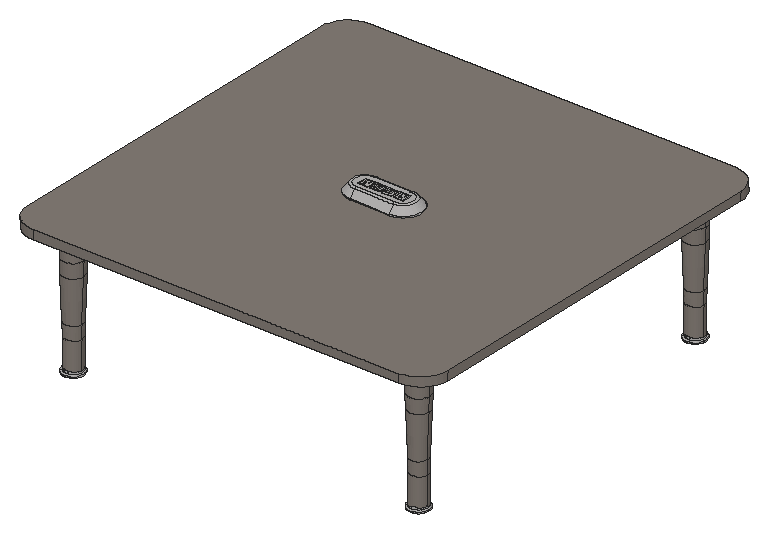
Revit family "Table-Teknion-Zones_ZNTWE-R2015", category Furniture, Revit 2015
Parameters (values of type "Table 48", with Power Pill")
  With Power Pill 2 Modules = no
  Width = 48"
  Warranty = "http://www.teknion.com/ca/papers/legal-canada"
  Voltage = if(or(With Power Pill 4 Modules, or(With Power Pill 2 Modules)), 120 V, 0 V)  # 120 V
  URL = "http://www.teknion.com"
  Table Top Finish [instance] = Veneer - Teknion - BR - Greystone Beech
  Table Leg Wood Finish [instance] = Veneer - Teknion - BR - Greystone Beech
  Table Frame Finish [instance] = Seamless Paint - Teknion - 25 - Crisp Grey
  Table Diameter = 54"
  Sustainability Data = "http://www.teknion.com/ca/tools/assets#&asset=444deb64-fe58-4b68-981e-f75e97781df7,b4ff2d81-9f2e-437d-9659-7cffb09c31cf"
  Series = "Zones"
  Product Page URL = "http://www.teknion.com/products/product-details?productLineId=b28c7a6e-8e7a-673b-a6c8-ff64004460c4"
  Product Line = "Zones"
  Product Documentation Link = "http://www.teknion.com/pricing/Zones/pdfs/ZNTWE_ppg.pdf"
  Power Pill Two Power Two USB Modules [instance] = yes
  Power Pill Finish [instance] = Seamless Paint - Teknion - 25 - Crisp Grey
  Number of Poles = 1
  Manufacturer Contact Information = "http://www.teknion.com/ca/contactus"
  Leg Width = 37 3/32"
  Leg Depth = 37 3/32"
  Part Number = "ZNTWE"
  Model = "ZNTWE48P"
  Manufacturer Phone = "416-661-3370"
  Manufacturer Fax = "416.661.4586"
  Manufacturer Address = "1150 Flint Road, Toronto, ON. M3J 2J5. Canada"
  Manufacturer = "Teknion"
  With Power Pill 4 Modules = yes
  Height = 19"
  Description = "Square Lounge Workshop Table, 48\"d, with Center Pill Cut-Out"
  Depth = 48"
  Connector Description = "With Power Connector"
  Assembly Code = "E2020200"
  Apparent Load = 0 VA  # constant formula
Reference planes (in)
  plane 1 "Center (Front/Back)": y = 0
  plane 2 "Bottom": z = 0
  plane 3 "Center (Left/Right)": x = 0
  plane 4 "Int Left": x = -19.71875
  plane 5 "Int Right": x = 19.71875
  plane 6 "Ba": y = 19.73437
  plane 7 "Fro": y = -19.73437
  plane 8 "Top": z = 16
  plane 9 "Frame": z = 15
  plane 10 "Back": y = 24
  plane 11 "Front": y = -24
  plane 12 "Left": x = -24
  plane 13 "Right": x = 24
Forms (in)
  Sweep 1, solid, material "Veneer - Teknion - BR - Greystone Beech" <- "Table Top Finish"
    path origin (0, 0, -13) x (1, 0, 0) y (0, 0, 1)
      loop
        line (0, 28) -> (0, 29)
    profile origin (0, 0, 15.5) x (-1, 0, 0) y (0, -1, 0)
      loop
        line (-20.875, -24) -> (20.86848, -24)
        arc (20.86848, -24) -> (23.0828, -23.0828) -> (24, -20.86848) r 3.13152
        line (24, -20.86848) -> (24, 20.875)
        arc (24, 20.875) -> (23.08471, 23.08471) -> (20.875, 24) r 3.125
        line (20.875, 24) -> (-20.875, 24)
        arc (-20.875, 24) -> (-23.08471, 23.08471) -> (-24, 20.875) r 3.125
        line (-24, 20.875) -> (-24, -20.875)
        arc (-24, -20.875) -> (-23.08471, -23.08471) -> (-20.875, -24) r 3.125
  Extrusion 2, void
    sketch origin (0.04538, 0.11384, 0) x (1, 0, 0) y (0, 1, 0)
      loop
        circle (-0.04538, -0.11384) r 0.25
    from 0 to 0.29872
Lines and regions (in)
  Masking region 1
    outline origin (0, 0, 15) x (0, 1, 0) y (-1, 0, 0)
      loop
        line (24, -20.875) -> (24, 20.86848)
        arc (24, 20.86848) -> (23.0828, 23.0828) -> (20.86848, 24) r 3.13152
        line (20.86848, 24) -> (-20.875, 24)
        arc (-20.875, 24) -> (-23.08471, 23.08471) -> (-24, 20.875) r 3.125
        line (-24, 20.875) -> (-24, -20.875)
        arc (-24, -20.875) -> (-23.08471, -23.08471) -> (-20.875, -24) r 3.125
        line (-20.875, -24) -> (20.875, -24)
        arc (20.875, -24) -> (23.08471, -23.08471) -> (24, -20.875) r 3.125
Dimensions and locks (in)
  "Width": plane 12 "Left" to plane 13 "Right"
  "Depth": plane 10 "Back" to plane 11 "Front"
  equal spacing: plane 12 "Left", plane 3 "Center (Left/Right)", plane 13 "Right"
  equal spacing: plane 10 "Back", plane 1 "Center (Front/Back)", plane 11 "Front"
  Sweep 1 to plane 2 "Bottom" = 15"
  locked: plane 10 "Back" to plane 6 "Ba" at 4.26563
  locked: plane 11 "Front" to plane 7 "Fro" at 4.26563
  locked: plane 5 "Int Right" to plane 13 "Right" at 4.28125
  locked: plane 12 "Left" to plane 4 "Int Left" at 4.28125
  locked: Extrusion 2 to plane 2 "Bottom" at 0.29872
  radius of Sweep 1 sketch curve = 3 1/8"  (x3)
  radius of Sweep 1 sketch curve = 3.13152"
  aligned and locked: level to plane 2 "Bottom"
  aligned and locked: plane 3 "Center (Left/Right)" to Sweep 1 sketch curve
  aligned and locked: plane 8 "Top" to Sweep 1 sketch curve
  aligned and locked: plane 9 "Frame" to Sweep 1 sketch curve
  aligned and locked: plane 10 "Back" to Sweep 1 sketch curve
  aligned and locked: plane 13 "Right" to Sweep 1 sketch curve
  aligned and locked: Sweep 1 sketch curve to plane 11 "Front"
  aligned and locked: Sweep 1 sketch curve to plane 12 "Left"
  aligned and locked: nested 1 to plane 8 "Top"
  aligned and locked: plane 1 "Center (Front/Back)" to nested 1
  aligned and locked: plane 3 "Center (Left/Right)" to nested 1
  aligned and locked: nested 4 to plane 5 "Int Right"
  aligned and locked: nested 4 to plane 6 "Ba"
  aligned and locked: nested 2 to plane 4 "Int Left"
  aligned and locked: nested 2 to plane 6 "Ba"
  aligned and locked: nested 3 to plane 4 "Int Left"
  aligned and locked: plane 7 "Fro" to nested 3
  aligned and locked: nested 5 to plane 5 "Int Right"
  aligned and locked: plane 7 "Fro" to nested 5
  aligned and locked: plane 2 "Bottom" to nested 4
  aligned and locked: plane 2 "Bottom" to nested 5
  aligned and locked: plane 2 "Bottom" to nested 3  (x2)
  aligned and locked: plane 2 "Bottom" to nested 2
  aligned and locked: Masking region 1 sketch curve to Sweep 1  (x4)
  aligned and locked: Extrusion 2 to plane 2 "Bottom"
  aligned and locked: plane 1 "Center (Front/Back)" to Extrusion 2 sketch curve
  aligned and locked: nested 1 to Extrusion 2 sketch curve
  aligned and locked: plane 3 "Center (Left/Right)" to nested 6
  aligned and locked: plane 1 "Center (Front/Back)" to nested 6
  aligned and locked: nested 6 to plane 8 "Top"
Automatic sketch dimensions
  plane 7 "Fro" to Masking region 1 sketch curve = 1 9/64"
  plane 6 "Ba" to Masking region 1 sketch curve = 1.1341"
  plane 6 "Ba" to Masking region 1 sketch curve = 1 9/64"
  radius of Extrusion 2 sketch curve = 1/4"
Nested families (in)
  nested 1: "Accessory-Power_Pill-Teknion-Zones_ZNEP_Four_Modules-R2013" at (0, 0, 16), visible <- "With Power Pill 4 Modules", Power Pill Finish <- "Power Pill Finish", LA Modules <- "Power Pill Two Power Two USB Modules", type "4 Modules Power Pill"
    with Power Pill Finish Seamless Paint - Teknion - 25 - Crisp Grey, Outlet Offset 1.076", LB Modules no, LA Modules yes, Item Code "ZNEPLA120"
  nested 2: "Support-Leg-Teknion-Zones_ZNTW_Plate-R2015" at (-19.71875, 19.73437, 0), type "Leg Support"
    with Support Visibility yes
  nested 3: "Support-Leg-Teknion-Zones_ZNTW_Plate-R2015" at (-19.71875, -19.73437, 0), type "Leg Support"
    with Support Visibility yes
  nested 4: "Support-Leg-Teknion-Zones_ZNTW_Plate-R2015" at (19.71875, 19.73437, 0), type "Leg Support"
    with Support Visibility yes
  nested 5: "Support-Leg-Teknion-Zones_ZNTW_Plate-R2015" at (19.71875, -19.73437, 0), type "Leg Support"
    with Support Visibility yes
  nested 6: "Accessory-Power_Pill-Teknion-Zones_ZNEP_Two_Modules-R2013" at (0, 0, 16), visible <- "With Power Pill 2 Modules", Power Pill Finish <- "Power Pill Finish", type "2 Modules Power Pill"
    with SB Modules no, SA Modules yes, Power Pill Finish Seamless Paint - Teknion - 25 - Crisp Grey, Outlet Offset 0", Item Code "ZNEPSA120"
Connectors (in)
  electrical at (0, 0, 0), driven by "Voltage", driven by "Apparent Load", driven by "Connector Description", driven by "Number of Poles"
    settings: on Extrusion 2, index 2, voltage 120 V, apparent load 0 VA, apparent load phase1 0 VA, apparent load phase2 0 VA, apparent load phase3 0 VA, power factor 1, load classification "Other", number of poles 1, system type 31, power factor state 1, is connector primary yes, connector utility no, sub classification motor no, connector description "With Power Connector"
Definition of nested family "Accessory-Power_Pill-Teknion-Zones_ZNEP_Four_Modules-R2013"
  Parameters (values of type "4 Modules Power Pill")
    Width = 8.53"
    Warranty = "http://www.teknion.com/ca/papers/legal-canada"
    URL = "http://www.teknion.com"
    Sustainability Data = "http://www.teknion.com/ca/tools/assets#&asset=444deb64-fe58-4b68-981e-f75e97781df7,b4ff2d81-9f2e-437d-9659-7cffb09c31cf"
    Series = "Zones"
    Product Page URL = "http://www.teknion.com/products/product-details?productLineId=b28c7a6e-8e7a-673b-a6c8-ff64004460c4"
    Product Line = "Zones"
    Product Documentation Link = "http://www.teknion.com/pricing/Zones/pdfs/ZNEP_ppg.pdf"
    Power Pill Finish [instance] = none
    Part Number = "ZNEP"
    Outlet Offset [instance] = if(LA Modules, 1.076", 0")  # 1.076"
    Model = "See Item Code"
    Manufacturer Phone = "416-661-3370"
    Manufacturer Fax = "416.661.4586"
    Manufacturer Contact Information = "http://www.teknion.com/ca/contactus"
    Manufacturer Address = "1150 Flint Road, Toronto, ON. M3J 2J5. Canada"
    Manufacturer = "Teknion"  # constant formula
    LB Modules [instance] = not(LA Modules)  # no
    LA Modules [instance] = yes
    Item Code [instance] = if(LA Modules, "ZNEPLA120", "ZNEPLB120")  # "ZNEPLA120"
    Height = 2.302"
    Description = "Power Pill, Four Modules, 120in Length Of Cord"
    Depth = 4.13"
    Cap Height = 0.92703"
    Auxiliary Width = Width - Depth  # 4.4"
    Assembly Code = "E2020200"
  Reference planes (in)
    plane 1 "Center F/B": y = 0
    plane 2: z = 0
    plane 3 "Center L/R": x = 0
    plane 4 "Left": x = -4.265
    plane 5 "Right": x = 4.265
    plane 6 "Back": y = 2.065
    plane 7 "Front": y = -2.065
    plane 8 "Top": z = 0.92703
    plane 9 "Bottom": z = -1.37497
    plane 10: x = -2.2
    plane 11: x = 2.2
    plane 12: y = 1.076
  Forms (in)
    Sweep 1, solid, material <- "Power Pill Finish"
      path origin (0, 0, 0) x (1, 0, 0) y (0, 0, 1)
        loop
          line (0, 0.92703) -> (0, 0)
      profile origin (0, 0, 0.46351) x (0, -1, 0) y (1, 0, 0)
        loop
          arc (-1.18092, -2.2) -> (0, -3.38092) -> (1.18092, -2.2) r 1.18092
          line (1.18092, -2.2) -> (1.18092, 2.2)
          arc (1.18092, 2.2) -> (0, 3.38092) -> (-1.18092, 2.2) r 1.18092
          line (-1.18092, 2.2) -> (-1.18092, -2.2)
    Sweep 2, solid, material <- "Power Pill Finish"
      path origin (0, 0, 0) x (1, 0, 0) y (0, 1, 0)
        loop
          line (2.2, 1.18092) -> (-2.2, 1.18092)
          arc (-2.2, 1.18092) -> (-3.38092, 0) -> (-2.2, -1.18092) r 1.18092
          line (-2.2, -1.18092) -> (2.2, -1.18092)
          arc (2.2, -1.18092) -> (3.38092, 0) -> (2.2, 1.18092) r 1.18092
      profile origin (0, 1.18092, 0) x (0, -1, 0) y (0, 0, 1)
        loop
          arc (-0.86961, 0.06433) -> (-0.8751, 0.02261) -> (-0.83962, 0) r 0.03916
          line (-0.83962, 0) -> (0, 0) -> (0, 0.92703)
          arc (0, 0.92703) -> (-0.13207, 0.89775) -> (-0.23939, 0.8154) r 0.3125
          line (-0.23939, 0.8154) -> (-0.86961, 0.06433)
    Sweep 3, void
      path origin (0, 0, 0) x (1, 0, 0) y (0, 0, 1)
        loop
          line (0, 0.92703) -> (0, 0.73803)
      profile origin (0, 0, 0.83253) x (0, -1, 0) y (1, 0, 0)
        loop
          arc (-0.55849, -2.55849) -> (-0.55117, -2.57617) -> (-0.53349, -2.58349) r 0.025
          line (-0.53349, -2.58349) -> (0.53349, -2.58349)
          arc (0.53349, -2.58349) -> (0.55117, -2.57617) -> (0.55849, -2.55849) r 0.025
          line (0.55849, -2.55849) -> (0.55849, -1.49151)
          arc (0.55849, -1.49151) -> (0.55117, -1.47383) -> (0.53349, -1.46651) r 0.025
          line (0.53349, -1.46651) -> (-0.53349, -1.46651)
          arc (-0.53349, -1.46651) -> (-0.55117, -1.47383) -> (-0.55849, -1.49151) r 0.025
          line (-0.55849, -1.49151) -> (-0.55849, -2.55849)
        loop
          arc (-0.55849, -1.20849) -> (-0.55117, -1.22617) -> (-0.53349, -1.23349) r 0.025
          line (-0.53349, -1.23349) -> (0.53349, -1.23349)
          arc (0.53349, -1.23349) -> (0.55117, -1.22617) -> (0.55849, -1.20849) r 0.025
          line (0.55849, -1.20849) -> (0.55849, -0.14151)
          arc (0.55849, -0.14151) -> (0.55117, -0.12383) -> (0.53349, -0.11651) r 0.025
          line (0.53349, -0.11651) -> (-0.53349, -0.11651)
          arc (-0.53349, -0.11651) -> (-0.55117, -0.12383) -> (-0.55849, -0.14151) r 0.025
          line (-0.55849, -0.14151) -> (-0.55849, -1.20849)
        loop
          arc (-0.55849, 0.14151) -> (-0.55117, 0.12383) -> (-0.53349, 0.11651) r 0.025
          line (-0.53349, 0.11651) -> (0.53349, 0.11651)
          arc (0.53349, 0.11651) -> (0.55117, 0.12383) -> (0.55849, 0.14151) r 0.025
          line (0.55849, 0.14151) -> (0.55849, 1.20849)
          arc (0.55849, 1.20849) -> (0.55117, 1.22617) -> (0.53349, 1.23349) r 0.025
          line (0.53349, 1.23349) -> (-0.53349, 1.23349)
          arc (-0.53349, 1.23349) -> (-0.55117, 1.22617) -> (-0.55849, 1.20849) r 0.025
          line (-0.55849, 1.20849) -> (-0.55849, 0.14151)
        loop
          arc (-0.55849, 1.49151) -> (-0.55117, 1.47383) -> (-0.53349, 1.46651) r 0.025
          line (-0.53349, 1.46651) -> (0.53349, 1.46651)
          arc (0.53349, 1.46651) -> (0.55117, 1.47383) -> (0.55849, 1.49151) r 0.025
          line (0.55849, 1.49151) -> (0.55849, 2.55849)
          arc (0.55849, 2.55849) -> (0.55117, 2.57617) -> (0.53349, 2.58349) r 0.025
          line (0.53349, 2.58349) -> (-0.53349, 2.58349)
          arc (-0.53349, 2.58349) -> (-0.55117, 2.57617) -> (-0.55849, 2.55849) r 0.025
          line (-0.55849, 2.55849) -> (-0.55849, 1.49151)
    Blend 4, solid, material <- "Power Pill Finish"
      base sketch origin (0, 0, 0) x (1, 0, 0) y (0, 1, 0)
        loop
          arc (-2.57873, 1.39373) -> (-2.79086, 1.30586) -> (-2.87873, 1.09373) r 0.3
          line (-2.87873, 1.09373) -> (-2.87873, -1.09373)
          arc (-2.87873, -1.09373) -> (-2.79086, -1.30586) -> (-2.57873, -1.39373) r 0.3
          line (-2.57873, -1.39373) -> (2.57873, -1.39373)
          arc (2.57873, -1.39373) -> (2.79086, -1.30586) -> (2.87873, -1.09373) r 0.3
          line (2.87873, -1.09373) -> (2.87873, 1.09373)
          arc (2.87873, 1.09373) -> (2.79086, 1.30586) -> (2.57873, 1.39373) r 0.3
          line (2.57873, 1.39373) -> (-2.57873, 1.39373)
      top sketch origin (0, 0, 0) x (1, 0, 0) y (0, 1, 0)
        loop
          arc (2.94673, 1.09373) -> (2.83895, 1.35395) -> (2.57873, 1.46173) r 0.368
          line (2.57873, 1.46173) -> (-2.57873, 1.46173)
          arc (-2.57873, 1.46173) -> (-2.83895, 1.35395) -> (-2.94673, 1.09373) r 0.368
          line (-2.94673, 1.09373) -> (-2.94673, -1.09373)
          arc (-2.94673, -1.09373) -> (-2.83895, -1.35395) -> (-2.57873, -1.46173) r 0.368
          line (-2.57873, -1.46173) -> (2.57873, -1.46173)
          arc (2.57873, -1.46173) -> (2.83895, -1.35395) -> (2.94673, -1.09373) r 0.368
          line (2.94673, -1.09373) -> (2.94673, 1.09373)
      from -1.37497 to 0.61534
    Sweep 5, void
      path origin (0, 0, 0) x (0, 1, 0) y (0, 0, 1)
        loop
          line (0, -1.12497) -> (0, -1.37497)
      profile origin (0, 0, -1.24997) x (1, 0, 0) y (0, 1, 0)
        loop
          arc (-0.33, -0.17812) -> (0, -0.375) -> (0.33, -0.17812) r 0.375
          line (0.33, -0.17812) -> (0.33, 0.17812)
          arc (0.33, 0.17812) -> (0, 0.375) -> (-0.33, 0.17812) r 0.375
          line (-0.33, 0.17812) -> (-0.33, -0.17812)
    Sweep 6, solid, material <- "Power Pill Finish"
      path origin (0, 0, 0) x (1, 0, 0) y (0, 0, 1)
        loop
          line (0, 0.92703) -> (0, 0.73803)
      profile origin (0, 0, 0.83253) x (0, -1, 0) y (1, 0, 0)
        loop
          line (-0.525, -1.5398) -> (-0.525, -2.5102)
          arc (-0.525, -2.5102) -> (-0.51328, -2.53848) -> (-0.485, -2.5502) r 0.04
          line (-0.485, -2.5502) -> (0.485, -2.5502)
          arc (0.485, -2.5502) -> (0.51328, -2.53848) -> (0.525, -2.5102) r 0.04
          line (0.525, -2.5102) -> (0.525, -1.5398)
          arc (0.525, -1.5398) -> (0.51328, -1.51152) -> (0.485, -1.4998) r 0.04
          line (0.485, -1.4998) -> (-0.485, -1.4998)
          arc (-0.485, -1.4998) -> (-0.51328, -1.51152) -> (-0.525, -1.5398) r 0.04
        loop
          line (-0.525, -0.18153) -> (-0.525, -1.16846)
          arc (-0.525, -1.16846) -> (-0.51328, -1.19675) -> (-0.485, -1.20846) r 0.04
          line (-0.485, -1.20846) -> (0.485, -1.20846)
          arc (0.485, -1.20846) -> (0.51328, -1.19675) -> (0.525, -1.16846) r 0.04
          line (0.525, -1.16846) -> (0.525, -0.18153)
          arc (0.525, -0.18153) -> (0.51328, -0.15325) -> (0.485, -0.14153) r 0.04
          line (0.485, -0.14153) -> (-0.485, -0.14153)
          arc (-0.485, -0.14153) -> (-0.51328, -0.15325) -> (-0.525, -0.18153) r 0.04
        loop
          line (0.525, 0.18154) -> (0.525, 1.16847)
          arc (0.525, 1.16847) -> (0.51328, 1.19675) -> (0.485, 1.20847) r 0.04
          line (0.485, 1.20847) -> (-0.485, 1.20847)
          arc (-0.485, 1.20847) -> (-0.51328, 1.19675) -> (-0.525, 1.16847) r 0.04
          line (-0.525, 1.16847) -> (-0.525, 0.18154)
          arc (-0.525, 0.18154) -> (-0.51328, 0.15325) -> (-0.485, 0.14154) r 0.04
          line (-0.485, 0.14154) -> (0.485, 0.14154)
          arc (0.485, 0.14154) -> (0.51328, 0.15325) -> (0.525, 0.18154) r 0.04
        loop
          line (-0.525, 2.5102) -> (-0.525, 1.5398)
          arc (-0.525, 1.5398) -> (-0.51328, 1.51152) -> (-0.485, 1.4998) r 0.04
          line (-0.485, 1.4998) -> (0.485, 1.4998)
          arc (0.485, 1.4998) -> (0.51328, 1.51152) -> (0.525, 1.5398) r 0.04
          line (0.525, 1.5398) -> (0.525, 2.5102)
          arc (0.525, 2.5102) -> (0.51328, 2.53848) -> (0.485, 2.5502) r 0.04
          line (0.485, 2.5502) -> (-0.485, 2.5502)
          arc (-0.485, 2.5502) -> (-0.51328, 2.53848) -> (-0.525, 2.5102) r 0.04
    Sweep 7, void
      path origin (0, 0, 0) x (1, 0, 0) y (0, 0, 1)
        loop
          line (0, 0.92703) -> (0, 0)
      profile origin (0, 0, 0.46351) x (0, -1, 0) y (1, 0, 0)
        loop
          line (-1.47143, -0.95886) -> (-1.12261, -0.95886) -> (-1.12261, -0.88681) -> (-1.47143, -0.88681) -> (-1.47143, -0.95886)
        loop
          line (-1.43206, -0.40768) -> (-1.43206, -0.47972) -> (-1.16198, -0.47972) -> (-1.16198, -0.40768) -> (-1.43206, -0.40768)
        loop
          line (-0.72261, -0.78681) -> (-0.72261, -0.57972) -> (-0.82615, -0.57972)
          arc (-0.82615, -0.57972) -> (-0.92969, -0.68327) -> (-0.82615, -0.78681) r 0.10354
          line (-0.82615, -0.78681) -> (-0.72261, -0.78681)
        loop
          line (-1.47143, 0.39114) -> (-1.12261, 0.39114) -> (-1.12261, 0.46319) -> (-1.47143, 0.46319) -> (-1.47143, 0.39114)
        loop
          line (-1.43206, 0.94232) -> (-1.43206, 0.87028) -> (-1.16198, 0.87028) -> (-1.16198, 0.94232) -> (-1.43206, 0.94232)
        loop
          line (-0.72261, 0.56319) -> (-0.72261, 0.77028) -> (-0.82615, 0.77028)
          arc (-0.82615, 0.77028) -> (-0.92969, 0.66673) -> (-0.82615, 0.56319) r 0.10354
          line (-0.82615, 0.56319) -> (-0.72261, 0.56319)
        loop
          line (-0.81346, 1.95906) -> (-1.33117, 1.95906) -> (-1.33117, 1.73662) -> (-0.81346, 1.73662) -> (-0.81346, 1.95906)
        loop
          line (-1.33117, 2.31339) -> (-1.33117, 2.09095) -> (-0.81346, 2.09095) -> (-0.81346, 2.31339) -> (-1.33117, 2.31339)
        loop
          line (-0.39543, -2.22991) -> (-0.39543, -2.30196) -> (-0.04661, -2.30196) -> (-0.04661, -2.22991) -> (-0.39543, -2.22991)
        loop
          line (-0.35606, -1.82282) -> (-0.08598, -1.82282) -> (-0.08598, -1.75078) -> (-0.35606, -1.75078) -> (-0.35606, -1.82282)
        loop
          line (0.35339, -2.12991) -> (0.35339, -1.92282) -> (0.24985, -1.92282)
          arc (0.24985, -1.92282) -> (0.14631, -2.02637) -> (0.24985, -2.12991) r 0.10354
          line (0.24985, -2.12991) -> (0.35339, -2.12991)
        loop
          line (-0.25517, -0.74231) -> (-0.25517, -0.96475) -> (0.26254, -0.96475) -> (0.26254, -0.74231) -> (-0.25517, -0.74231)
        loop
          line (-0.25517, -0.38798) -> (-0.25517, -0.61042) -> (0.26254, -0.61042) -> (0.26254, -0.38798) -> (-0.25517, -0.38798)
        loop
          line (0.26254, 0.60769) -> (-0.25517, 0.60769) -> (-0.25517, 0.38525) -> (0.26254, 0.38525) -> (0.26254, 0.60769)
        loop
          line (0.26254, 0.73958) -> (0.26254, 0.96202) -> (-0.25517, 0.96202) -> (-0.25517, 0.73958) -> (0.26254, 0.73958)
        loop
          line (-0.39543, 1.81182) -> (-0.39543, 1.73978) -> (-0.04661, 1.73978) -> (-0.04661, 1.81182) -> (-0.39543, 1.81182)
        loop
          line (-0.35606, 2.29096) -> (-0.35606, 2.21891) -> (-0.08598, 2.21891) -> (-0.08598, 2.29096) -> (-0.35606, 2.29096)
        loop
          line (0.35339, 1.91182) -> (0.35339, 2.11891) -> (0.24985, 2.11891)
          arc (0.24985, 2.11891) -> (0.14631, 2.01537) -> (0.24985, 1.91182) r 0.10354
          line (0.24985, 1.91182) -> (0.35339, 1.91182)
  Cuts and joins
    Sweep 3 cuts Sweep 1
    Sweep 3 cuts Sweep 2
    Sweep 5 cuts Blend 4
    joined: Sweep 1, Sweep 2, Blend 4
    Sweep 7 cuts Sweep 6
  Lines and regions (in)
    Masking region 1
      outline origin (0, 0, 0.92703) x (-1, 0, 0) y (0, -1, 0)
        loop
          arc (2.2, -2.065) -> (4.265, 0) -> (2.2, 2.065) r 2.065
          line (2.2, 2.065) -> (-2.2, 2.065)
          arc (-2.2, 2.065) -> (-4.265, 0) -> (-2.2, -2.065) r 2.065
          line (-2.2, -2.065) -> (2.2, -2.065)
    symbolic lines
      curve 1: line (-1.49151, 0.55849, 0.92703) -> (-2.55849, 0.55849, 0.92703)
      curve 2: arc (-2.55849, 0.55849, 0.92703) -> (-2.57617, 0.55117, 0.92703) -> (-2.58349, 0.53349, 0.92703) r 0.025
      curve 3: line (-2.58349, 0.53349, 0.92703) -> (-2.58349, -0.53349, 0.92703)
      curve 4: arc (-2.58349, -0.53349, 0.92703) -> (-2.57617, -0.55117, 0.92703) -> (-2.55849, -0.55849, 0.92703) r 0.025
      curve 5: line (-2.55849, -0.55849, 0.92703) -> (-1.49151, -0.55849, 0.92703)
      curve 6: arc (-1.49151, -0.55849, 0.92703) -> (-1.47383, -0.55117, 0.92703) -> (-1.46651, -0.53349, 0.92703) r 0.025
      curve 7: line (-1.46651, -0.53349, 0.92703) -> (-1.46651, 0.53349, 0.92703)
      curve 8: arc (-1.46651, 0.53349, 0.92703) -> (-1.47383, 0.55117, 0.92703) -> (-1.49151, 0.55849, 0.92703) r 0.025
      curve 9: line (-0.14151, 0.55849, 0.92703) -> (-1.20849, 0.55849, 0.92703)
      curve 10: arc (-1.20849, 0.55849, 0.92703) -> (-1.22617, 0.55117, 0.92703) -> (-1.23349, 0.53349, 0.92703) r 0.025
      curve 11: line (-1.23349, 0.53349, 0.92703) -> (-1.23349, -0.53349, 0.92703)
      curve 12: arc (-1.23349, -0.53349, 0.92703) -> (-1.22617, -0.55117, 0.92703) -> (-1.20849, -0.55849, 0.92703) r 0.025
      curve 13: line (-1.20849, -0.55849, 0.92703) -> (-0.14151, -0.55849, 0.92703)
      curve 14: arc (-0.14151, -0.55849, 0.92703) -> (-0.12383, -0.55117, 0.92703) -> (-0.11651, -0.53349, 0.92703) r 0.025
      curve 15: line (-0.11651, -0.53349, 0.92703) -> (-0.11651, 0.53349, 0.92703)
      curve 16: arc (-0.11651, 0.53349, 0.92703) -> (-0.12383, 0.55117, 0.92703) -> (-0.14151, 0.55849, 0.92703) r 0.025
      curve 17: line (1.20849, 0.55849, 0.92703) -> (0.14151, 0.55849, 0.92703)
      curve 18: arc (0.14151, 0.55849, 0.92703) -> (0.12383, 0.55117, 0.92703) -> (0.11651, 0.53349, 0.92703) r 0.025
      curve 19: line (0.11651, 0.53349, 0.92703) -> (0.11651, -0.53349, 0.92703)
      curve 20: arc (0.11651, -0.53349, 0.92703) -> (0.12383, -0.55117, 0.92703) -> (0.14151, -0.55849, 0.92703) r 0.025
      curve 21: line (0.14151, -0.55849, 0.92703) -> (1.20849, -0.55849, 0.92703)
      curve 22: arc (1.20849, -0.55849, 0.92703) -> (1.22617, -0.55117, 0.92703) -> (1.23349, -0.53349, 0.92703) r 0.025
      curve 23: line (1.23349, -0.53349, 0.92703) -> (1.23349, 0.53349, 0.92703)
      curve 24: arc (1.23349, 0.53349, 0.92703) -> (1.22617, 0.55117, 0.92703) -> (1.20849, 0.55849, 0.92703) r 0.025
      curve 25: line (2.55849, 0.55849, 0.92703) -> (1.49151, 0.55849, 0.92703)
      curve 26: arc (1.49151, 0.55849, 0.92703) -> (1.47383, 0.55117, 0.92703) -> (1.46651, 0.53349, 0.92703) r 0.025
      curve 27: line (1.46651, 0.53349, 0.92703) -> (1.46651, -0.53349, 0.92703)
      curve 28: arc (1.46651, -0.53349, 0.92703) -> (1.47383, -0.55117, 0.92703) -> (1.49151, -0.55849, 0.92703) r 0.025
      curve 29: line (1.49151, -0.55849, 0.92703) -> (2.55849, -0.55849, 0.92703)
      curve 30: arc (2.55849, -0.55849, 0.92703) -> (2.57617, -0.55117, 0.92703) -> (2.58349, -0.53349, 0.92703) r 0.025
      curve 31: line (2.58349, -0.53349, 0.92703) -> (2.58349, 0.53349, 0.92703)
      curve 32: arc (2.58349, 0.53349, 0.92703) -> (2.57617, 0.55117, 0.92703) -> (2.55849, 0.55849, 0.92703) r 0.025
    symbolic lines, detail levels medium+fine
      curve 33: arc (-2.2, 1.181, 0.92703) -> (-3.381, 0, 0.92703) -> (-2.2, -1.181, 0.92703) r 1.181
      curve 34: line (-2.2, 1.181, 0.92703) -> (2.2, 1.181, 0.92703)
      curve 35: line (-2.2, -1.181, 0.92703) -> (2.2, -1.181, 0.92703)
      curve 36: arc (2.2, 1.181, 0.92703) -> (3.381, 0, 0.92703) -> (2.2, -1.181, 0.92703) r 1.181
    symbolic lines, detail levels fine
      curve 37: line (-2.22991, 0.39543, 0.92703) -> (-2.30196, 0.39543, 0.92703)
      curve 38: line (-2.30196, 0.39543, 0.92703) -> (-2.30196, 0.04661, 0.92703)
      curve 39: line (-2.22991, 0.04661, 0.92703) -> (-2.22991, 0.39543, 0.92703)
      curve 40: line (-2.30196, 0.04661, 0.92703) -> (-2.22991, 0.04661, 0.92703)
      curve 41: line (-2.12991, -0.35339, 0.92703) -> (-1.92282, -0.35339, 0.92703)
      curve 42: line (-2.12991, -0.24985, 0.92703) -> (-2.12991, -0.35339, 0.92703)
      curve 43: line (-1.92282, -0.35339, 0.92703) -> (-1.92282, -0.24985, 0.92703)
      curve 44: arc (-1.92282, -0.24985, 0.92703) -> (-2.02637, -0.14631, 0.92703) -> (-2.12991, -0.24985, 0.92703) r 0.10354
      curve 45: line (-1.82282, 0.08598, 0.92703) -> (-1.75078, 0.08598, 0.92703)
      curve 46: line (-1.82282, 0.35606, 0.92703) -> (-1.82282, 0.08598, 0.92703)
      curve 47: line (-1.75078, 0.35606, 0.92703) -> (-1.82282, 0.35606, 0.92703)
      curve 48: line (-1.75078, 0.08598, 0.92703) -> (-1.75078, 0.35606, 0.92703)
      curve 109: line (-1.5398, 0.525, 0.92703) -> (-2.5102, 0.525, 0.92703)
      curve 110: arc (-1.4998, 0.485, 0.92703) -> (-1.51152, 0.51328, 0.92703) -> (-1.5398, 0.525, 0.92703) r 0.04
      curve 111: line (-1.4998, -0.485, 0.92703) -> (-1.4998, 0.485, 0.92703)
      curve 112: arc (-1.5398, -0.525, 0.92703) -> (-1.51152, -0.51328, 0.92703) -> (-1.4998, -0.485, 0.92703) r 0.04
      curve 113: line (-2.5102, -0.525, 0.92703) -> (-1.5398, -0.525, 0.92703)
      curve 114: arc (-2.5502, -0.485, 0.92703) -> (-2.53848, -0.51328, 0.92703) -> (-2.5102, -0.525, 0.92703) r 0.04
      curve 115: line (-2.5502, 0.485, 0.92703) -> (-2.5502, -0.485, 0.92703)
      curve 116: arc (-2.5102, 0.525, 0.92703) -> (-2.53848, 0.51328, 0.92703) -> (-2.5502, 0.485, 0.92703) r 0.04
      curve 117: arc (-1.16846, 0.525, 0.92703) -> (-1.19675, 0.51328, 0.92703) -> (-1.20846, 0.485, 0.92703) r 0.04
      curve 118: line (-0.18153, 0.525, 0.92703) -> (-1.16846, 0.525, 0.92703)
      curve 119: line (-1.20846, 0.485, 0.92703) -> (-1.20846, -0.485, 0.92703)
      curve 120: arc (-0.14153, 0.485, 0.92703) -> (-0.15325, 0.51328, 0.92703) -> (-0.18153, 0.525, 0.92703) r 0.04
      curve 121: arc (-1.20846, -0.485, 0.92703) -> (-1.19675, -0.51328, 0.92703) -> (-1.16846, -0.525, 0.92703) r 0.04
      curve 122: line (-1.16846, -0.525, 0.92703) -> (-0.18153, -0.525, 0.92703)
      curve 123: arc (-0.18153, -0.525, 0.92703) -> (-0.15325, -0.51328, 0.92703) -> (-0.14153, -0.485, 0.92703) r 0.04
      curve 124: line (-0.14153, -0.485, 0.92703) -> (-0.14153, 0.485, 0.92703)
      curve 125: arc (0.18154, 0.525, 0.92703) -> (0.15325, 0.51328, 0.92703) -> (0.14154, 0.485, 0.92703) r 0.04
      curve 126: line (1.16847, 0.525, 0.92703) -> (0.18154, 0.525, 0.92703)
      curve 127: arc (1.20847, 0.485, 0.92703) -> (1.19675, 0.51328, 0.92703) -> (1.16847, 0.525, 0.92703) r 0.04
      curve 128: line (1.20847, -0.485, 0.92703) -> (1.20847, 0.485, 0.92703)
      curve 129: arc (1.16847, -0.525, 0.92703) -> (1.19675, -0.51328, 0.92703) -> (1.20847, -0.485, 0.92703) r 0.04
      curve 130: line (0.18154, -0.525, 0.92703) -> (1.16847, -0.525, 0.92703)
      curve 131: arc (0.14154, -0.485, 0.92703) -> (0.15325, -0.51328, 0.92703) -> (0.18154, -0.525, 0.92703) r 0.04
      curve 132: line (0.14154, 0.485, 0.92703) -> (0.14154, -0.485, 0.92703)
      curve 133: arc (1.5398, 0.525, 0.92703) -> (1.51152, 0.51328, 0.92703) -> (1.4998, 0.485, 0.92703) r 0.04
      curve 134: line (2.5102, 0.525, 0.92703) -> (1.5398, 0.525, 0.92703)
      curve 135: arc (2.5502, 0.485, 0.92703) -> (2.53848, 0.51328, 0.92703) -> (2.5102, 0.525, 0.92703) r 0.04
      curve 136: line (2.5502, -0.485, 0.92703) -> (2.5502, 0.485, 0.92703)
      curve 137: arc (2.5102, -0.525, 0.92703) -> (2.53848, -0.51328, 0.92703) -> (2.5502, -0.485, 0.92703) r 0.04
      curve 138: line (1.5398, -0.525, 0.92703) -> (2.5102, -0.525, 0.92703)
      curve 139: arc (1.4998, -0.485, 0.92703) -> (1.51152, -0.51328, 0.92703) -> (1.5398, -0.525, 0.92703) r 0.04
      curve 140: line (1.4998, 0.485, 0.92703) -> (1.4998, -0.485, 0.92703)
    symbolic lines, visible <- "LA Modules", detail levels fine
      curve 49: line (-0.96475, -0.26254, 0.92703) -> (-0.74231, -0.26254, 0.92703)
      curve 50: line (-0.96475, 0.25517, 0.92703) -> (-0.96475, -0.26254, 0.92703)
      curve 51: line (-0.74231, 0.25517, 0.92703) -> (-0.96475, 0.25517, 0.92703)
      curve 52: line (-0.74231, -0.26254, 0.92703) -> (-0.74231, 0.25517, 0.92703)
      curve 53: line (-0.61042, 0.25517, 0.92703) -> (-0.61042, -0.26254, 0.92703)
      curve 54: line (-0.38798, 0.25517, 0.92703) -> (-0.61042, 0.25517, 0.92703)
      curve 55: line (-0.38798, -0.26254, 0.92703) -> (-0.38798, 0.25517, 0.92703)
      curve 56: line (-0.61042, -0.26254, 0.92703) -> (-0.38798, -0.26254, 0.92703)
      curve 57: line (0.38525, -0.26254, 0.92703) -> (0.60769, -0.26254, 0.92703)
      curve 58: line (0.38525, 0.25517, 0.92703) -> (0.38525, -0.26254, 0.92703)
      curve 59: line (0.60769, -0.26254, 0.92703) -> (0.60769, 0.25517, 0.92703)
      curve 60: line (0.60769, 0.25517, 0.92703) -> (0.38525, 0.25517, 0.92703)
      curve 61: line (0.73958, 0.25517, 0.92703) -> (0.73958, -0.26254, 0.92703)
      curve 62: line (0.73958, -0.26254, 0.92703) -> (0.96202, -0.26254, 0.92703)
      curve 63: line (0.96202, -0.26254, 0.92703) -> (0.96202, 0.25517, 0.92703)
      curve 64: line (0.96202, 0.25517, 0.92703) -> (0.73958, 0.25517, 0.92703)
      curve 65: line (1.91182, -0.35339, 0.92703) -> (2.11891, -0.35339, 0.92703)
      curve 66: arc (2.11891, -0.24985, 0.92703) -> (2.01537, -0.14631, 0.92703) -> (1.91182, -0.24985, 0.92703) r 0.10354
      curve 67: line (2.11891, -0.35339, 0.92703) -> (2.11891, -0.24985, 0.92703)
      curve 68: line (1.91182, -0.24985, 0.92703) -> (1.91182, -0.35339, 0.92703)
      curve 69: line (1.73978, 0.04661, 0.92703) -> (1.81182, 0.04661, 0.92703)
      curve 70: line (1.81182, 0.04661, 0.92703) -> (1.81182, 0.39543, 0.92703)
      curve 71: line (1.73978, 0.39543, 0.92703) -> (1.73978, 0.04661, 0.92703)
      curve 72: line (1.81182, 0.39543, 0.92703) -> (1.73978, 0.39543, 0.92703)
      curve 73: line (2.21891, 0.08598, 0.92703) -> (2.29096, 0.08598, 0.92703)
      curve 74: line (2.29096, 0.08598, 0.92703) -> (2.29096, 0.35606, 0.92703)
      curve 75: line (2.29096, 0.35606, 0.92703) -> (2.21891, 0.35606, 0.92703)
      curve 76: line (2.21891, 0.35606, 0.92703) -> (2.21891, 0.08598, 0.92703)
    symbolic lines, visible <- "LB Modules", detail levels fine
      curve 77: line (-0.95886, 0.04661, 0.92703) -> (-0.88681, 0.04661, 0.92703)
      curve 78: line (-0.95886, 0.39543, 0.92703) -> (-0.95886, 0.04661, 0.92703)
      curve 79: line (-0.88681, 0.39543, 0.92703) -> (-0.95886, 0.39543, 0.92703)
      curve 80: line (-0.88681, 0.04661, 0.92703) -> (-0.88681, 0.39543, 0.92703)
      curve 81: line (-0.47972, 0.35606, 0.92703) -> (-0.47972, 0.08598, 0.92703)
      curve 82: line (-0.40768, 0.35606, 0.92703) -> (-0.47972, 0.35606, 0.92703)
      curve 83: line (-0.40768, 0.08598, 0.92703) -> (-0.40768, 0.35606, 0.92703)
      curve 84: line (-0.47972, 0.08598, 0.92703) -> (-0.40768, 0.08598, 0.92703)
      curve 85: arc (-0.57972, -0.24985, 0.92703) -> (-0.68327, -0.14631, 0.92703) -> (-0.78681, -0.24985, 0.92703) r 0.10354
      curve 86: line (-0.78681, -0.24985, 0.92703) -> (-0.78681, -0.35339, 0.92703)
      curve 87: line (-0.78681, -0.35339, 0.92703) -> (-0.57972, -0.35339, 0.92703)
      curve 88: line (-0.57972, -0.35339, 0.92703) -> (-0.57972, -0.24985, 0.92703)
      curve 89: line (0.39114, 0.04661, 0.92703) -> (0.46319, 0.04661, 0.92703)
      curve 90: line (0.39114, 0.39543, 0.92703) -> (0.39114, 0.04661, 0.92703)
      curve 91: line (0.46319, 0.39543, 0.92703) -> (0.39114, 0.39543, 0.92703)
      curve 92: line (0.46319, 0.04661, 0.92703) -> (0.46319, 0.39543, 0.92703)
      curve 93: arc (0.77028, -0.24985, 0.92703) -> (0.66673, -0.14631, 0.92703) -> (0.56319, -0.24985, 0.92703) r 0.10354
      curve 94: line (0.56319, -0.24985, 0.92703) -> (0.56319, -0.35339, 0.92703)
      curve 95: line (0.56319, -0.35339, 0.92703) -> (0.77028, -0.35339, 0.92703)
      curve 96: line (0.77028, -0.35339, 0.92703) -> (0.77028, -0.24985, 0.92703)
      curve 97: line (0.87028, 0.08598, 0.92703) -> (0.94232, 0.08598, 0.92703)
      curve 98: line (0.94232, 0.08598, 0.92703) -> (0.94232, 0.35606, 0.92703)
      curve 99: line (0.87028, 0.35606, 0.92703) -> (0.87028, 0.08598, 0.92703)
      curve 100: line (0.94232, 0.35606, 0.92703) -> (0.87028, 0.35606, 0.92703)
      curve 101: line (1.73662, -0.26254, 0.92703) -> (1.95906, -0.26254, 0.92703)
      curve 102: line (1.95906, -0.26254, 0.92703) -> (1.95906, 0.25517, 0.92703)
      curve 103: line (1.95906, 0.25517, 0.92703) -> (1.73662, 0.25517, 0.92703)
      curve 104: line (1.73662, 0.25517, 0.92703) -> (1.73662, -0.26254, 0.92703)
      curve 105: line (2.09095, 0.25517, 0.92703) -> (2.09095, -0.26254, 0.92703)
      curve 106: line (2.31339, 0.25517, 0.92703) -> (2.09095, 0.25517, 0.92703)
      curve 107: line (2.31339, -0.26254, 0.92703) -> (2.31339, 0.25517, 0.92703)
      curve 108: line (2.09095, -0.26254, 0.92703) -> (2.31339, -0.26254, 0.92703)
  Dimensions and locks (in)
    "Cap Height": plane 8 "Top" to plane 2
    equal spacing: plane 4 "Left", plane 3 "Center L/R", plane 5 "Right"
    "Width": plane 4 "Left" to plane 5 "Right"
    equal spacing: plane 6 "Back", plane 1 "Center F/B", plane 7 "Front"
    "Depth": plane 6 "Back" to plane 7 "Front"
    equal spacing: plane 10, plane 3 "Center L/R", plane 11
    "Auxiliary Width": plane 10 to plane 11
    equal spacing: Sweep 1 sketch curve, plane 1 "Center F/B", Sweep 1 sketch curve
    locked: Sweep 1 sketch curve to Sweep 1 sketch curve at 2.36185
    locked: Sweep 2 sketch curve to plane 1 "Center F/B" at 1.18092  (x2)
    locked: Sweep 2 sketch curve to plane 2 at 0.03916
    locked: plane 8 "Top" to Sweep 2 sketch curve at 0.3125
    locked: plane 8 "Top" to Sweep 3 sketch curve at 0.189
    equal spacing: Sweep 3 sketch curve, plane 1 "Center F/B", Sweep 3 sketch curve
    locked: Sweep 3 sketch curve to Sweep 3 sketch curve at 1.11698
    Sweep 3 sketch curve to Sweep 3 sketch curve to Sweep 3 sketch curve to Sweep 3 sketch curve to plane 3 "Center L/R" to Sweep 3 sketch curve to Sweep 3 sketch curve to Sweep 3 sketch curve to Sweep 3 sketch curve = 1.11698" locked, 0.23302" locked, 1.11698" locked, 0.11651" locked, 0.11651" locked, 1.11698" locked, 0.23302" locked, 1.11698" locked
    Blend 4 sketch curve to plane 3 "Center L/R" to Blend 4 sketch curve = 2.57873" locked, 2.57873" locked  (x4)
    Blend 4 sketch curve to plane 1 "Center F/B" to Blend 4 sketch curve = 1 3/32" locked, 1 3/32" locked  (x4)
    Blend 4 sketch curve to plane 1 "Center F/B" to Blend 4 sketch curve = 1.39373" locked, 1.39373" locked
    equal spacing: Blend 4 sketch curve, plane 3 "Center L/R", Blend 4 sketch curve
    Blend 4 sketch curve to plane 1 "Center F/B" to Blend 4 sketch curve = 1.46173" locked, 1.46173" locked
    Blend 4 sketch curve to plane 3 "Center L/R" to Blend 4 sketch curve = 2.94673" locked, 2.94673" locked
    locked: plane 8 "Top" to Blend 4 at 0.31169
    locked: plane 9 "Bottom" to Sweep 5 sketch curve at 0.25
    Sweep 5 sketch curve to plane 3 "Center L/R" to Sweep 5 sketch curve = 0.33" locked, 0.33" locked
    Sweep 5 sketch curve to plane 1 "Center F/B" to Sweep 5 sketch curve = 0.17812" locked, 0.17812" locked  (x2)
    "Height": plane 8 "Top" to plane 9 "Bottom"
    curve 35 to plane 1 "Center F/B" to curve 34 = 1.181" locked, 1.181" locked
    curve 41 to curve 49 to curve 44 to plane 1 "Center F/B" to curve 40 to curve 45 to curve 51 to curve 47 to curve 37 = 0.09085" locked, 0.0127" locked, 0.24985" locked, 0.04661" locked, 0.03937" locked, 0.16919" locked, 0.10088" locked, 0.03937" locked
    curve 38 to curve 39 to curve 42 to curve 44 to curve 43 to curve 46 to curve 48 to curve 50 to curve 78 to curve 80 to curve 86 to curve 52 to curve 85 to curve 53 to curve 88 to curve 81 to curve 83 to curve 55 to plane 3 "Center L/R" to curve 58 to curve 90 to curve 92 to curve 94 to curve 59 to curve 93 to curve 61 to curve 96 to curve 99 to curve 98 to curve 63 to curve 104 to curve 71 to curve 70 to curve 68 to curve 102 to curve 105 to curve 67 to curve 76 to curve 74 to curve 107 = 0.07205" locked, 0.1" locked, 0.10354" locked, 0.10354" locked, 0.1" locked, 0.07205" locked, 0.78603" locked, 0.00589" locked, 0.07205" locked, 0.1" locked, 0.0445" locked, 0.05904" locked, 0.07285" locked, 0.0307" locked, 0.1" locked, 0.07205" locked, 0.0197" locked, 0.38798" locked, 0.38525" locked, 0.00589" locked, 0.07205" locked, 0.1" locked, 0.0445" locked, 0.05904" locked, 0.07285" locked, 0.0307" locked, 0.1" locked, 0.07205" locked, 0.0197" locked, 0.7746" locked, 0.00316" locked, 0.07205" locked, 0.1" locked, 0.04723" locked, 0.13189" locked, 0.02796" locked, 0.1" locked, 0.07205" locked, 0.02243" locked
    locked: plane 8 "Top" to Sweep 6 sketch curve at 0.189
    Sweep 6 sketch curve to plane 1 "Center F/B" to Sweep 6 sketch curve = 0.525" locked, 0.525" locked
    Sweep 6 sketch curve to Sweep 6 sketch curve to Sweep 6 sketch curve to Sweep 6 sketch curve to plane 3 "Center L/R" to Sweep 6 sketch curve to Sweep 6 sketch curve to Sweep 6 sketch curve to Sweep 6 sketch curve = 1.05039" locked, 0.29134" locked, 1.06693" locked, 0.14153" locked, 0.14154" locked, 1.06693" locked, 0.29134" locked, 1.05039" locked
    "Outlet Offset": plane 1 "Center F/B" to plane 12
    Sweep 7 sketch curve to Sweep 7 sketch curve to Sweep 7 sketch curve to Sweep 7 sketch curve to Sweep 7 sketch curve to Sweep 7 sketch curve to Sweep 7 sketch curve to Sweep 7 sketch curve to Sweep 7 sketch curve to Sweep 7 sketch curve to Sweep 7 sketch curve to Sweep 7 sketch curve to Sweep 7 sketch curve to Sweep 7 sketch curve to plane 3 "Center L/R" to Sweep 7 sketch curve to Sweep 7 sketch curve to Sweep 7 sketch curve to Sweep 7 sketch curve to Sweep 7 sketch curve to Sweep 7 sketch curve to Sweep 7 sketch curve to Sweep 7 sketch curve to Sweep 7 sketch curve to Sweep 7 sketch curve to Sweep 7 sketch curve = 0.07205" locked, 0.1" locked, 0.10354" locked, 0.10354" locked, 0.1" locked, 0.07205" locked, 0.79192" locked, 0.07205" locked, 0.1" locked, 0.10354" locked, 0.10354" locked, 0.1" locked, 0.07205" locked, 0.40768" locked, 0.39114" locked, 0.07205" locked, 0.1" locked, 0.10354" locked, 0.10354" locked, 0.1" locked, 0.07205" locked, 0.79429" locked, 0.22244" locked, 0.13189" locked, 0.22244" locked
    Sweep 7 sketch curve to Sweep 7 sketch curve to Sweep 7 sketch curve to Sweep 7 sketch curve to Sweep 7 sketch curve to plane 12 to Sweep 7 sketch curve to Sweep 7 sketch curve to Sweep 7 sketch curve to Sweep 7 sketch curve = 0.03937" locked, 0.10088" locked, 0.16919" locked, 0.03937" locked, 0.04661" locked, 0.24985" locked, 0" locked, 0.0127" locked, 0.09085" locked
    Sweep 7 sketch curve to Sweep 7 sketch curve to plane 1 "Center F/B" to Sweep 7 sketch curve to Sweep 7 sketch curve to Sweep 7 sketch curve to Sweep 7 sketch curve = 0.10354" locked, 0.24985" locked, 0.04661" locked, 0.03937" locked, 0.27008" locked, 0.03937" locked
    Sweep 7 sketch curve to Sweep 7 sketch curve to Sweep 7 sketch curve to Sweep 7 sketch curve to Sweep 7 sketch curve to Sweep 7 sketch curve to Sweep 7 sketch curve to Sweep 7 sketch curve to Sweep 7 sketch curve to Sweep 7 sketch curve to Sweep 7 sketch curve to curve 66 to Sweep 7 sketch curve to Sweep 7 sketch curve to Sweep 7 sketch curve = 0.22244" locked, 0.13189" locked, 0.22244" locked, 0.77323" locked, 0.22244" locked, 0.13189" locked, 0.22244" locked, 0.77776" locked, 0.07205" locked, 0.1" locked, 0.10354" locked, 0.10354" locked, 0.1" locked, 0.07205" locked
    plane 12 to Sweep 7 sketch curve to Sweep 7 sketch curve to Sweep 7 sketch curve to Sweep 7 sketch curve to Sweep 7 sketch curve to Sweep 7 sketch curve to Sweep 7 sketch curve to Sweep 7 sketch curve = 0.68057" locked, 0.03937" locked, 0.10088" locked, 0.16919" locked, 0.03937" locked, 0.29646" locked, 0.0127" locked, 0.09085" locked
    aligned and locked: level to plane 2
    aligned and locked: Sweep 1 sketch curve to plane 3 "Center L/R"
    aligned and locked: plane 8 "Top" to Sweep 1 sketch curve
    aligned and locked: plane 2 to Sweep 1 sketch curve
    aligned and locked: plane 10 to Sweep 1 sketch curve
    aligned and locked: plane 1 "Center F/B" to Sweep 1 sketch curve  (x2)
    aligned and locked: plane 11 to Sweep 1 sketch curve
    aligned and locked: Sweep 2 sketch curve to Sweep 1  (x2)
    aligned and locked: Sweep 2 sketch curve to plane 2
    aligned and locked: Sweep 3 sketch curve to plane 3 "Center L/R"
    aligned and locked: plane 8 "Top" to Sweep 3 sketch curve
    aligned and locked: Sweep 3 sketch curve to Sweep 3 sketch curve  (x6)
    aligned and locked: plane 9 "Bottom" to Blend 4
    aligned and locked: plane 9 "Bottom" to Sweep 5 sketch curve
    aligned and locked: Sweep 5 sketch curve to plane 1 "Center F/B"
    aligned and locked: plane 1 "Center F/B" to Sweep 5 sketch curve
    aligned and locked: Sweep 5 sketch curve to Sweep 5 sketch curve
    aligned and locked: Masking region 1 sketch curve to plane 6 "Back"
    aligned and locked: Masking region 1 sketch curve to plane 7 "Front"
    aligned and locked: plane 10 to Masking region 1 sketch curve
    aligned and locked: plane 1 "Center F/B" to Masking region 1 sketch curve  (x2)
    aligned and locked: plane 11 to Masking region 1 sketch curve
    aligned and locked: curve 2 to cut or joined group of Sweep 1, Sweep 2, Sweep 3, Blend 4, Sweep 5
    aligned and locked: curve 4 to cut or joined group of Sweep 1, Sweep 2, Sweep 3, Blend 4, Sweep 5
    aligned and locked: curve 6 to cut or joined group of Sweep 1, Sweep 2, Sweep 3, Blend 4, Sweep 5
    aligned and locked: curve 8 to cut or joined group of Sweep 1, Sweep 2, Sweep 3, Blend 4, Sweep 5
    aligned and locked: curve 10 to cut or joined group of Sweep 1, Sweep 2, Sweep 3, Blend 4, Sweep 5
    aligned and locked: curve 12 to cut or joined group of Sweep 1, Sweep 2, Sweep 3, Blend 4, Sweep 5
    aligned and locked: curve 14 to cut or joined group of Sweep 1, Sweep 2, Sweep 3, Blend 4, Sweep 5
    aligned and locked: curve 16 to cut or joined group of Sweep 1, Sweep 2, Sweep 3, Blend 4, Sweep 5
    aligned and locked: curve 18 to cut or joined group of Sweep 1, Sweep 2, Sweep 3, Blend 4, Sweep 5
    aligned and locked: curve 20 to cut or joined group of Sweep 1, Sweep 2, Sweep 3, Blend 4, Sweep 5
    aligned and locked: curve 22 to cut or joined group of Sweep 1, Sweep 2, Sweep 3, Blend 4, Sweep 5
    aligned and locked: curve 24 to cut or joined group of Sweep 1, Sweep 2, Sweep 3, Blend 4, Sweep 5
    aligned and locked: curve 26 to cut or joined group of Sweep 1, Sweep 2, Sweep 3, Blend 4, Sweep 5
    aligned and locked: curve 28 to cut or joined group of Sweep 1, Sweep 2, Sweep 3, Blend 4, Sweep 5
    aligned and locked: curve 30 to cut or joined group of Sweep 1, Sweep 2, Sweep 3, Blend 4, Sweep 5
    aligned and locked: curve 32 to cut or joined group of Sweep 1, Sweep 2, Sweep 3, Blend 4, Sweep 5
    aligned and locked: plane 10 to curve 33
    aligned and locked: plane 11 to curve 36
    aligned and locked: plane 1 "Center F/B" to curve 36
    aligned and locked: curve 79 to curve 37
    aligned and locked: curve 91 to curve 37
    aligned and locked: curve 72 to curve 37
    aligned and locked: curve 40 to curve 77
    aligned and locked: curve 40 to curve 89
    aligned and locked: curve 40 to curve 69
    aligned and locked: curve 82 to curve 47
    aligned and locked: curve 100 to curve 47
    aligned and locked: curve 75 to curve 47
    aligned and locked: curve 45 to curve 84
    aligned and locked: curve 45 to curve 97
    aligned and locked: curve 45 to curve 73
    aligned and locked: curve 41 to curve 87
    aligned and locked: curve 41 to curve 95
    aligned and locked: curve 41 to curve 65
    aligned and locked: curve 54 to curve 51
    aligned and locked: curve 60 to curve 51
    aligned and locked: curve 64 to curve 51
    aligned and locked: curve 103 to curve 51
    aligned and locked: curve 106 to curve 51
    aligned and locked: curve 49 to curve 56
    aligned and locked: curve 49 to curve 57
    aligned and locked: curve 49 to curve 62
    aligned and locked: curve 49 to curve 101
    aligned and locked: curve 49 to curve 108
    aligned and locked: Sweep 6 sketch curve to plane 3 "Center L/R"
    aligned and locked: plane 8 "Top" to Sweep 6 sketch curve
    aligned and locked: Sweep 6 sketch curve to Sweep 6 sketch curve  (x6)
    aligned and locked: plane 8 "Top" to Sweep 7 sketch curve
    aligned and locked: plane 2 to Sweep 7 sketch curve
    aligned and locked: Sweep 7 sketch curve to plane 3 "Center L/R"
    aligned and locked: Sweep 7 sketch curve to Sweep 7 sketch curve  (x13)
    aligned and locked: curve 109 to cut or joined group of Sweep 6, Sweep 7
    aligned and locked: curve 110 to cut or joined group of Sweep 6, Sweep 7
    aligned and locked: curve 111 to cut or joined group of Sweep 6, Sweep 7
    aligned and locked: curve 112 to cut or joined group of Sweep 6, Sweep 7
    aligned and locked: curve 113 to cut or joined group of Sweep 6, Sweep 7
    aligned and locked: curve 114 to cut or joined group of Sweep 6, Sweep 7
    aligned and locked: curve 115 to cut or joined group of Sweep 6, Sweep 7
    aligned and locked: curve 116 to cut or joined group of Sweep 6, Sweep 7
    aligned and locked: curve 117 to cut or joined group of Sweep 6, Sweep 7
    aligned and locked: curve 118 to cut or joined group of Sweep 6, Sweep 7
    aligned and locked: curve 119 to cut or joined group of Sweep 6, Sweep 7
    aligned and locked: curve 120 to cut or joined group of Sweep 6, Sweep 7
    aligned and locked: curve 121 to cut or joined group of Sweep 6, Sweep 7
    aligned and locked: curve 122 to cut or joined group of Sweep 6, Sweep 7
    aligned and locked: curve 123 to cut or joined group of Sweep 6, Sweep 7
    aligned and locked: curve 124 to cut or joined group of Sweep 6, Sweep 7
    aligned and locked: curve 125 to cut or joined group of Sweep 6, Sweep 7
    aligned and locked: curve 126 to cut or joined group of Sweep 6, Sweep 7
    aligned and locked: curve 127 to cut or joined group of Sweep 6, Sweep 7
    aligned and locked: curve 128 to cut or joined group of Sweep 6, Sweep 7
    aligned and locked: curve 129 to cut or joined group of Sweep 6, Sweep 7
    aligned and locked: curve 130 to cut or joined group of Sweep 6, Sweep 7
    aligned and locked: curve 131 to cut or joined group of Sweep 6, Sweep 7
    aligned and locked: curve 132 to cut or joined group of Sweep 6, Sweep 7
    aligned and locked: curve 133 to cut or joined group of Sweep 6, Sweep 7
    aligned and locked: curve 134 to cut or joined group of Sweep 6, Sweep 7
    aligned and locked: curve 135 to cut or joined group of Sweep 6, Sweep 7
    aligned and locked: curve 136 to cut or joined group of Sweep 6, Sweep 7
    aligned and locked: curve 137 to cut or joined group of Sweep 6, Sweep 7
    aligned and locked: curve 138 to cut or joined group of Sweep 6, Sweep 7
    aligned and locked: curve 139 to cut or joined group of Sweep 6, Sweep 7
    aligned and locked: curve 140 to cut or joined group of Sweep 6, Sweep 7
  Automatic sketch dimensions
    profile plane to Sweep 2 sketch curve = 0.86961"
    profile plane to Sweep 2 sketch curve = 0.23939"
    Sweep 2 sketch curve to Sweep 2 sketch curve = 0.03"
    Sweep 2 sketch curve to Sweep 2 sketch curve = 0.20087"
    Sweep 3 sketch curve to plane 1 "Center F/B" = 0.53349"
    Sweep 3 sketch curve to Sweep 3 sketch curve = 0.025"  (x11)
    plane 1 "Center F/B" to Sweep 3 sketch curve = 0.53349"
    Sweep 3 sketch curve to Sweep 3 sketch curve = 0"  (x3)
    curve 93 to curve 61 = 0.0127"
    curve 85 to curve 49 = 0.0127"
    curve 68 to curve 101 = 0.0127"
    Sweep 6 sketch curve to Sweep 6 sketch curve = 0.04"  (x11)
    plane 1 "Center F/B" to Sweep 6 sketch curve = 0.485"  (x2)
    Sweep 6 sketch curve to Sweep 6 sketch curve = 0"  (x3)
    curve 109 to plane 1 "Center F/B" = 0.525"
    curve 110 to curve 110 = 0.04"
    curve 37 to curve 109 = 0.20824"
    curve 41 to curve 111 = 0.13161"
    curve 111 to curve 112 = 0.04"
    curve 114 to curve 114 = 0.04"
    curve 109 to curve 115 = 0.04"
    plane 10 to curve 118 = 1.03154"
    curve 117 to curve 117 = 0.04"
    curve 111 to curve 119 = 0"
    curve 120 to curve 120 = 0.04"
    curve 121 to curve 119 = 0.04"
    curve 123 to curve 123 = 0.04"
    plane 3 "Center L/R" to curve 126 = 0.18154"
    curve 125 to curve 125 = 0.04"
    curve 127 to curve 127 = 0.04"
    curve 62 to curve 128 = 0.22246"
    curve 128 to curve 129 = 0.04"
    curve 131 to curve 131 = 0.04"
    curve 134 to plane 1 "Center F/B" = 0.525"
    curve 133 to curve 133 = 0.04"
    curve 135 to curve 135 = 0.04"
    curve 107 to curve 136 = 0.22246"
    curve 136 to curve 137 = 0.04"
    curve 101 to curve 138 = 0.19681"
    curve 139 to curve 139 = 0.04"
    curve 1 to curve 109 = 0.04829"
    curve 9 to curve 118 = 0.04003"
    curve 9 to curve 118 = 0.03349"
    curve 17 to curve 126 = 0.04003"
    curve 17 to curve 126 = 0.03349"
    curve 25 to curve 134 = 0.0483"
Definition of nested family "Support-Leg-Teknion-Zones_ZNTW_Plate-R2015"
  Parameters (values of type "Leg Support")
    Width = 9.836"
    URL = ""
    Support Visibility [instance] = yes
    Model = ""
    Manufacturer = ""
    Leg Wood Finish = none
    Leg Paint Finish = none
    Height = 15"
    Description = ""
    Depth = 2.948"
    Assembly Code = "E2020200"
  Reference planes (in)
    plane 1 "Center (Front/Back)": y = 0
    plane 2 "Bottom": z = 0
    plane 3 "Right": x = 1.47516
    plane 4 "Back": y = 1.474
    plane 5 "Front": y = -1.474
    plane 6: x = 0
    plane 7 "Top": z = 15
    plane 8 "Ref Lines": z = 16.5
  Forms (in)
    Revolve 1, solid, material <- "Leg Paint Finish"
      sketch origin (0.00034, -0.00082, 0) x (0.707107, 0.707107, 0) y (0, 0, 1)
        loop
          line (1.06744, 0.29872) -> (0.98409, 0.29872) -> (0.98409, 0.54872) -> (0, 0.54872) -> (0, 0) -> (0.84375, 0) -> (0.84375, 0.0625) -> (1.18523, 0.0625) -> (1.18523, 0.18094)
          arc (1.18523, 0.18094) -> (1.15073, 0.26422) -> (1.06744, 0.29872) r 0.11778
        axis (0, 0.54872) -> (0, 0)
      angle from 0 to 360
    Revolve 2, solid, material <- "Leg Wood Finish"
      sketch origin (0, 0, 0) x (1, 0, 0) y (0, 0, 1)
        loop
          line (0, 0.4625) -> (0.98406, 0.4625) -> (0.98406, 3.7125) -> (1.01612, 5.28339) -> (1.18807, 10.20733) -> (1.24377, 11.80238) -> (1.24377, 14.80238) -> (0, 14.80238) -> (0, 0.4625)
        axis (0, 0.4625) -> (0, 14.80238)
      angle from 0 to 360
    Sweep 3, solid, material <- "Leg Paint Finish"
      path origin (0, 0, 0) x (1, 0, 0) y (0, 0, 1)
        loop
          line (0, 14.80238) -> (0, 15)
      profile origin (0, 0, 14.90119) x (-1, 0, 0) y (0, -1, 0)
        loop
          line (-2.55657, 1.19381) -> (-2.55657, -1.13119)
          arc (-2.55657, -1.13119) -> (-2.14652, -2.12114) -> (-1.15657, -2.53119) r 1.4
          line (-1.15657, -2.53119) -> (1.19457, -2.53119)
          arc (1.19457, -2.53119) -> (2.15765, -2.13227) -> (2.55657, -1.16919) r 1.362
          line (2.55657, -1.16919) -> (2.55657, 1.20568)
          arc (2.55657, 1.20568) -> (2.14999, 2.18724) -> (1.16843, 2.59381) r 1.38813
          line (1.16843, 2.59381) -> (-1.15657, 2.59381)
          arc (-1.15657, 2.59381) -> (-2.14652, 2.18376) -> (-2.55657, 1.19381) r 1.4
  Lines and regions (in)
    symbolic lines, detail levels medium+fine
      curve 1: circle (0, 0, 26.74724) r 1.18523 normal (0, 0, 1)
      curve 3: line (2.55657, -1.19381, 16.5) -> (2.55657, 1.13119, 16.5)
      curve 4: arc (1.15657, 2.53119, 16.5) -> (2.14652, 2.12114, 16.5) -> (2.55657, 1.13119, 16.5) r 1.4
      curve 5: line (1.15657, 2.53119, 16.5) -> (-1.19457, 2.53119, 16.5)
      curve 6: arc (-2.55657, 1.16919, 16.5) -> (-2.15765, 2.13227, 16.5) -> (-1.19457, 2.53119, 16.5) r 1.362
      curve 7: line (-2.55657, 1.16919, 16.5) -> (-2.55657, -1.20568, 16.5)
      curve 8: arc (-1.16843, -2.59381, 16.5) -> (-2.14999, -2.18724, 16.5) -> (-2.55657, -1.20568, 16.5) r 1.38813
      curve 9: line (-1.16843, -2.59381, 16.5) -> (1.15657, -2.59381, 16.5)
      curve 10: arc (2.55657, -1.19381, 16.5) -> (2.14652, -2.18376, 16.5) -> (1.15657, -2.59381, 16.5) r 1.4
    symbolic lines, detail levels fine
      curve 2: circle (0, 0, 26.74724) r 1.47501 normal (0, 0, 1)
  Dimensions and locks (in)
    locked: Revolve 1 sketch curve to plane 2 "Bottom" at 0.0625
    locked: Revolve 1 sketch curve to Revolve 1 sketch curve at 0.23622
    Revolve 1 sketch curve to Revolve 1 sketch curve = 27/32"
    equal spacing: plane 4 "Back", plane 1 "Center (Front/Back)", plane 5 "Front"
    "Depth": plane 4 "Back" to plane 5 "Front"
    Revolve 2 sketch curve to Revolve 2 sketch curve to plane 2 "Bottom" = 14.33988" locked, 0.4625" locked
    locked: Revolve 2 sketch curve to Revolve 2 sketch curve at 0.25971
    locked: plane 3 "Right" to plane 6 at 1.47516
    "Height": plane 7 "Top" to plane 2 "Bottom"
    locked: plane 8 "Ref Lines" to plane 2 "Bottom" at 16.5
    plane 7 "Top" to Sweep 3 sketch curve to Sweep 3 sketch curve = 0" locked, 0.19762" locked
    equal spacing: Sweep 3 sketch curve, plane 6, Sweep 3 sketch curve, locked at 2.55657 each
    Sweep 3 sketch curve to plane 1 "Center (Front/Back)" to Sweep 3 sketch curve = 2.59381" locked, 2.53119" locked
    plane 6 to Revolve 2 sketch curve to Revolve 2 sketch curve = 0.98406" locked, 0.25971" locked
    aligned and locked: level to plane 2 "Bottom"
    aligned and locked: plane 7 "Top" to Sweep 3
    aligned and locked: curve 4 to Sweep 3
    aligned and locked: curve 6 to Sweep 3
    aligned and locked: curve 8 to Sweep 3
    aligned and locked: curve 10 to Sweep 3
    aligned and locked: plane 6 to curve 1
    aligned and locked: plane 1 "Center (Front/Back)" to curve 1
    aligned and locked: plane 1 "Center (Front/Back)" to curve 2
    aligned and locked: plane 6 to curve 2
  Automatic sketch dimensions
    Revolve 2 sketch curve to plane 3 "Right" = 0.45904"
    Revolve 2 sketch curve to plane 3 "Right" = 0.28709"
    Revolve 2 sketch curve to Revolve 2 sketch curve = 3 1/4"
    Revolve 2 sketch curve to Revolve 2 sketch curve = 1.57089"
    Revolve 2 sketch curve to Revolve 2 sketch curve = 1.59505"
    Revolve 2 sketch curve to Revolve 2 sketch curve = 3"
    Revolve 2 sketch curve to Revolve 2 sketch curve = 2.34905"
    Revolve 2 sketch curve to Revolve 2 sketch curve = 0.08006"
    profile plane to Sweep 3 sketch curve = 1.15657"  (x2)
    Sweep 3 sketch curve to profile plane = 1.16843"
